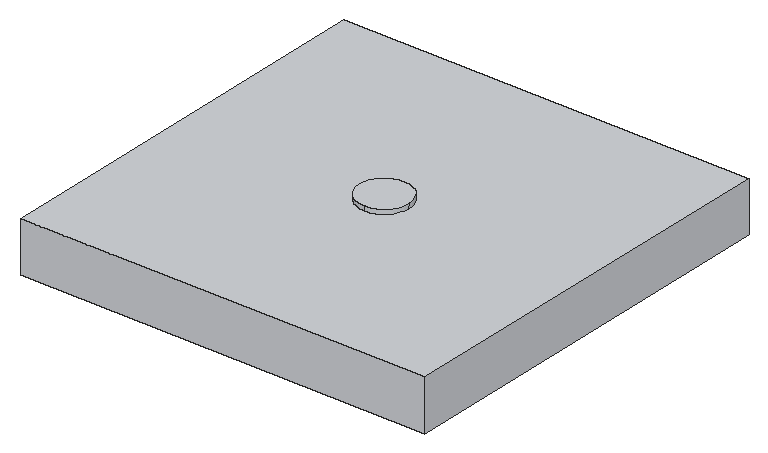
Revit family "M_Conector do duto redondo - Outro ar - Equipamento mecânico", category Equipamento mecânico, Revit 2019
Family settings
  Hospedeiro = Face
  Cota do conector redondo = Usar raio
  Tipo de parte = Normal
  Número OmniClass = 23.75.70.21.27
  Título OmniClass = Air Outlets and Inlets
  ID de item do Seek = Round Duct Connector - Other Air - Mechanical Equipment-0000-CAN-ENU
  Corte com vazios quando carregada = Não
  Compartilhado = Não
  Ponto de cálculo do ambiente = Não
Parameters (values of type "Padrão")
  Espessura [instance] = 25 mm
  Raio [instance] = 150 mm
  Fluxo [instance] = 47.19 L/s
  Diâmetro [instance] = Raio * 2  # 300 mm
  Default Elevation = 0 mm
  Assembly Code = ""
Reference planes
  plane 1 "Centro (Frente/Trás)": y = 0
  plane 2: z = 0
  plane 3 "Centro (Esquerda/Direita)": x = 0
Forms (mm)
  Extrusion 1, solid
    sketch origin (0, 0, 0) x (1, 0, 0) y (0, 1, 0)
      loop
        line (-1219.2, 1219.2) -> (-1219.2, -1219.2) -> (1219.2, -1219.2) -> (1219.2, 1219.2) -> (-1219.2, 1219.2)
    from 0 to -304.8
  Sweep 2, solid
    path in 3D
      loop
        line (0, 0, 0) -> (0, 0, 25)
    profile "M_Duto - Redondo : Duto - Redondo" origin (0, 0, 12.5) x (0, -1, 0) y (1, 0, 0)
      loop
        arc (-150, 0) -> (-106.066, -106.066) -> (0, -150) r 150
        arc (0, -150) -> (106.066, -106.066) -> (150, 0) r 150
        arc (150, 0) -> (106.066, 106.066) -> (0, 150) r 150
        arc (0, 150) -> (-106.066, 106.066) -> (-150, 0) r 150
Lines and regions (mm)
  reference lines
    curve 1: line (0, 0, 0) -> (0, 0, 25)
  sketch lines
    curve 2: line (0, 0, 0) -> (0, 0, 25)
Dimensions and locks
  "Espessura": curve 1 to curve 1
  aligned and locked: plane 2 to Extrusion 1
  aligned and locked: level to Extrusion 1
  aligned and locked: Extrusion 1 to curve 1
  aligned and locked: curve 1 to plane 1 "Centro (Frente/Trás)"
Automatic sketch dimensions
  Extrusion 1 sketch curve to Extrusion 1 sketch curve = 2438.4 mm  (x2)
Connectors
  hvac at (0, 0, 25), driven by "Raio", driven by "Fluxo"
    settings: on Sweep 2, index 1, duct flow 47.19 L/s, flow factor 0, pres drop 0.0 Pa, loss coef 0, conn angle 0.00°, conn width 304.8 mm, conn height 304.8 mm, conn diameter 300 mm, duct sys type 4, conn prof type 0, flow config 1, flow direction 2, loss method 0, conn ref index -1, conn util no, is conn primary yes, conn desc ""
